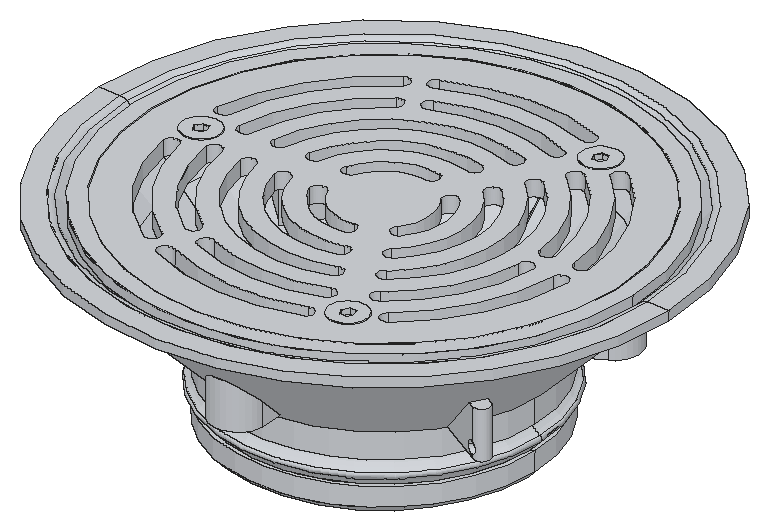
Revit family "Plumbing Fixture_GalvinSpecialised_Floor_Drain_SS_303185X_F", category Plumbing Fixtures, host Face, Revit 2019
Family settings
  Host = Face
  Round Connector Dimension = Use Diameter
  Part Type = Normal
  Cut with Voids When Loaded = No
  Shared = No
  Room Calculation Point = No
Parameters (values of type "Type 1")
  Waste Connection = no
  Vent Connection = no
  Variants = "NA"
  Vandal_Resistant = no
  URL = "http://www.galvinengineering.com.au"
  Thread = "NA"
  Specify_Host = "Face"
  SKU_Code = "303185X"
  Product_Type = "Drain"
  Product_Range = "Specialised"
  PlumbingMaterial_ANZRS = SS
  PlumbingFinish = "SS"
  Mounting_Surface = "Floor"
  Mounting = "Floor"
  Manufacturer_Phone_No = "1300-514-074"
  Manufacturer_OverallWidth = 0 mm
  Manufacturer_OverallHeight = 0 mm
  Manufacturer_OverallDepth = 0 mm
  Manufacturer = "Galvin Engineering"
  Instructions = ""
  HW Connection = no
  FlowRate = "NA"
  FilterObject_ANZRS = ""
  Description = "SS HeelGrate Floor Drain Vinyl Round 150 x 100 with SS Body PVC/HDPE/CU Slip-In"
  Default Elevation = 1219.2 mm
  CategoryStyleOrType_ANZRS = "Plumbing Fixture"
  CW Connection = no
  Application = "Commercial"
  Anti_Ligature = no
Reference planes
  plane 1 "Center (Front/Back)": y = 0
  plane 2: z = 0
  plane 3 "Center (Left/Right)": x = 0
Forms (mm)
  Revolve 1, void
    sketch origin (0, 0, 0) x (1, 0, 0) y (0, 0, 1)
      loop
        line (0, 0) -> (-92.258, 0) -> (-92.258, -3) -> (-87.815, -3) -> (-51.815, -39) -> (-49.958, -39) -> (-49.958, -62) -> (-47.958, -64) -> (0, -64) -> (0, 0)
      axis (0, 0) -> (0, -64)
    angle from 0 to 360
Dimensions and locks
  aligned and locked: plane 2 to host face
  aligned and locked: level to host face
Nested families
  nested 1: "X_Plumbing Fixture_GalvinSpecialised_Floor_Drain_SS_303185X_F" at (0, 0, 0), type "Type 1"
Definition of nested family "X_Plumbing Fixture_GalvinSpecialised_Floor_Drain_SS_303185X_F"
  Parameters (values of type "Type 1")
    URL = "http://www.galvinengineering.com.au"
    Manufacturer = "Galvin Engineering"
    Description = "DI HI-FLOW FLAT VERT RAINWATER OUTLET (W/- MEM C/RING) 150BSP"
  Reference planes
    plane 1 "Center (Front/Back)": y = 0
    plane 2: z = 0
    plane 3 "Center (Left/Right)": x = 0
    plane 4: x = -92.258
    plane 5: x = 92.242
  Forms (mm)
    Revolve 1, solid
      sketch origin (-283.115, 0, -118.952) x (1, 0, 0) y (0, 0, 1)
        loop
          line (196.237, 115.952) -> (232.237, 79.952) -> (234.154, 79.952) -> (234.154, 70.751) -> (235.387, 70.751)
          arc (235.387, 70.751) -> (234.17, 69.131) -> (232.585, 67.868) r 8
          arc (232.585, 67.868) -> (232.104, 67.013) -> (232.585, 66.159) r 1
          arc (232.585, 66.159) -> (234.297, 64.762) -> (235.562, 62.951) r 8
          line (235.562, 62.951) -> (234.154, 62.951) -> (234.154, 56.951) -> (236.153, 54.952) -> (241.156, 54.952) -> (241.156, 81.952) -> (234.956, 81.952) -> (200.956, 115.952) -> (196.237, 115.952)
        axis (283.106, 115.952) -> (283.106, 54.952)
      angle from 0 to 360
    Extrusion 2, solid
      sketch origin (-0.008, 0, 0) x (1, 0, 0) y (0, 1, 0)
        loop
          circle (0, 0) r 75
        loop
          arc (-13.397, 5.298) -> (-7.255, 12.318) -> (1.896, 14.127) r 14.462
          arc (1.896, 14.127) -> (4.708, 16.275) -> (2.56, 19.087) r 2.502
          arc (2.56, 19.087) -> (-9.734, 16.637) -> (-18.015, 7.225) r 19.558
          arc (-18.015, 7.225) -> (-16.669, 3.955) -> (-13.397, 5.298) r 2.502
        loop
          arc (-24.806, 5.675) -> (-12.752, 21.84) -> (7.274, 24.197) r 25.502
          arc (7.274, 24.197) -> (10.381, 25.88) -> (8.696, 28.986) r 2.497
          arc (8.696, 28.986) -> (-15.237, 26.154) -> (-29.663, 6.843) r 30.534
          arc (-29.663, 6.843) -> (-27.818, 3.831) -> (-24.806, 5.675) r 2.497
        loop
          arc (-35.991, 5.834) -> (-18.259, 31.374) -> (12.725, 33.96) r 36.474
          arc (12.725, 33.96) -> (15.941, 35.429) -> (14.473, 38.645) r 2.5
          arc (14.473, 38.645) -> (-20.759, 35.704) -> (-40.922, 6.663) r 41.474
          arc (-40.922, 6.663) -> (-38.871, 3.783) -> (-35.991, 5.834) r 2.5
        loop
          arc (-47.092, 5.938) -> (-40.67, 24.348) -> (-27.357, 38.593) r 47.216
          arc (-27.357, 38.593) -> (-26.75, 42.083) -> (-30.243, 42.676) r 2.5
          arc (-30.243, 42.676) -> (-44.885, 26.882) -> (-52.06, 6.576) r 53.165
          arc (-52.06, 6.576) -> (-49.895, 3.773) -> (-47.092, 5.938) r 2.504
        loop
          arc (-22.042, 47.404) -> (-23.273, 44.087) -> (-19.956, 42.856) r 2.502
          arc (-19.956, 42.856) -> (-0.951, 47.209) -> (18.214, 43.624) r 47.881
          arc (18.214, 43.624) -> (21.477, 44.986) -> (20.115, 48.249) r 2.5
          arc (20.115, 48.249) -> (-1.051, 52.209) -> (-22.042, 47.404) r 52.892
        loop
          arc (-57.622, 9.912) -> (-49.141, 31.523) -> (-32.91, 48.121) r 58.395
          arc (-32.91, 48.121) -> (-32.246, 51.594) -> (-35.719, 52.258) r 2.5
          arc (-35.719, 52.258) -> (-53.338, 34.237) -> (-62.541, 10.775) r 63.378
          arc (-62.541, 10.775) -> (-60.513, 7.884) -> (-57.622, 9.912) r 2.497
        loop
          arc (-25.437, 52.431) -> (-2.946, 58.171) -> (20.009, 54.724) r 58.572
          arc (20.009, 54.724) -> (23.213, 56.22) -> (21.717, 59.423) r 2.5
          arc (21.717, 59.423) -> (-3.198, 63.164) -> (-27.608, 56.933) r 63.564
          arc (-27.608, 56.933) -> (-28.773, 53.597) -> (-25.437, 52.431) r 2.499
        loop
          arc (-13.397, -5.845) -> (-16.669, -4.502) -> (-18.015, -7.772) r 2.502
          arc (-18.015, -7.772) -> (-9.734, -17.184) -> (2.56, -19.634) r 19.558
          arc (2.56, -19.634) -> (4.708, -16.822) -> (1.896, -14.674) r 2.502
          arc (1.896, -14.674) -> (-7.255, -12.865) -> (-13.397, -5.845) r 14.462
        loop
          arc (-24.806, -6.222) -> (-27.818, -4.378) -> (-29.663, -7.39) r 2.497
          arc (-29.663, -7.39) -> (-15.237, -26.7) -> (8.696, -29.532) r 30.534
          arc (8.696, -29.532) -> (10.381, -26.427) -> (7.274, -24.744) r 2.497
          arc (7.274, -24.744) -> (-12.752, -22.387) -> (-24.806, -6.222) r 25.502
        loop
          arc (-35.991, -6.38) -> (-38.871, -4.33) -> (-40.922, -7.209) r 2.5
          arc (-40.922, -7.209) -> (-20.759, -36.251) -> (14.473, -39.192) r 41.474
          arc (14.473, -39.192) -> (15.941, -35.976) -> (12.725, -34.507) r 2.5
          arc (12.725, -34.507) -> (-18.259, -31.92) -> (-35.991, -6.38) r 36.474
        loop
          arc (-47.092, -6.485) -> (-49.895, -4.32) -> (-52.06, -7.123) r 2.504
          arc (-52.06, -7.123) -> (-44.885, -27.429) -> (-30.243, -43.223) r 53.165
          arc (-30.243, -43.223) -> (-26.75, -42.63) -> (-27.357, -39.14) r 2.5
          arc (-27.357, -39.14) -> (-40.67, -24.895) -> (-47.092, -6.485) r 47.216
        loop
          arc (-22.042, -47.951) -> (-1.051, -52.756) -> (20.115, -48.796) r 52.892
          arc (20.115, -48.796) -> (21.477, -45.533) -> (18.214, -44.171) r 2.5
          arc (18.214, -44.171) -> (-0.951, -47.756) -> (-19.956, -43.403) r 47.881
          arc (-19.956, -43.403) -> (-23.273, -44.634) -> (-22.042, -47.951) r 2.502
        loop
          arc (-57.622, -10.459) -> (-60.513, -8.431) -> (-62.541, -11.322) r 2.497
          arc (-62.541, -11.322) -> (-53.338, -34.784) -> (-35.719, -52.805) r 63.378
          arc (-35.719, -52.805) -> (-32.246, -52.141) -> (-32.91, -48.668) r 2.5
          arc (-32.91, -48.668) -> (-49.141, -32.07) -> (-57.622, -10.459) r 58.395
        loop
          arc (-25.437, -52.978) -> (-28.773, -54.144) -> (-27.608, -57.48) r 2.499
          arc (-27.608, -57.48) -> (-3.198, -63.711) -> (21.717, -59.97) r 63.564
          arc (21.717, -59.97) -> (23.213, -56.766) -> (20.009, -55.271) r 2.5
          arc (20.009, -55.271) -> (-2.946, -58.718) -> (-25.437, -52.978) r 58.572
        loop
          arc (11.546, 8.556) -> (14.554, -0.273) -> (11.546, -9.103) r 14.462
          arc (11.546, -9.103) -> (12, -12.612) -> (15.509, -12.158) r 2.502
          arc (15.509, -12.158) -> (19.534, -0.286) -> (15.524, 11.592) r 19.558
          arc (15.524, 11.592) -> (12.019, 12.061) -> (11.546, 8.556) r 2.502
        loop
          arc (17.577, 18.248) -> (25.549, -0.274) -> (17.577, -18.796) r 25.502
          arc (17.577, -18.796) -> (17.481, -22.328) -> (21.013, -22.421) r 2.497
          arc (21.013, -22.421) -> (30.527, -0.278) -> (21.017, 21.87) r 30.534
          arc (21.017, 21.87) -> (17.486, 21.778) -> (17.577, 18.248) r 2.497
        loop
          arc (23.307, 27.855) -> (36.559, -0.271) -> (23.307, -28.398) r 36.474
          arc (23.307, -28.398) -> (22.971, -31.917) -> (26.49, -32.253) r 2.5
          arc (26.49, -32.253) -> (41.559, -0.271) -> (26.49, 31.711) r 41.474
          arc (26.49, 31.711) -> (22.971, 31.375) -> (23.307, 27.855) r 2.5
        loop
          arc (28.948, 37.417) -> (41.68, 22.65) -> (47.36, 3.998) r 47.216
          arc (47.36, 3.998) -> (50.079, 1.728) -> (52.339, 4.456) r 2.5
          arc (52.339, 4.456) -> (45.982, 25.033) -> (31.984, 41.4) r 53.165
          arc (31.984, 41.4) -> (28.474, 40.927) -> (28.948, 37.417) r 2.504
        loop
          arc (52.333, -5.01) -> (50.076, -2.286) -> (47.352, -4.543) r 2.502
          arc (47.352, -4.543) -> (41.619, -23.179) -> (28.932, -37.984) r 47.881
          arc (28.932, -37.984) -> (28.48, -41.49) -> (31.986, -41.942) r 2.5
          arc (31.986, -41.942) -> (45.999, -25.591) -> (52.333, -5.01) r 52.892
        loop
          arc (37.654, 44.549) -> (52.129, 26.399) -> (58.389, 4.043) r 58.395
          arc (58.389, 4.043) -> (61.064, 1.732) -> (63.375, 4.407) r 2.5
          arc (63.375, 4.407) -> (56.579, 28.676) -> (40.861, 48.377) r 63.378
          arc (40.861, 48.377) -> (37.343, 48.067) -> (37.654, 44.549) r 2.497
        loop
          arc (58.385, -4.584) -> (52.11, -26.932) -> (37.647, -45.088) r 58.572
          arc (37.647, -45.088) -> (37.34, -48.61) -> (40.863, -48.916) r 2.5
          arc (40.863, -48.916) -> (56.56, -29.21) -> (63.369, -4.954) r 63.564
          arc (63.369, -4.954) -> (61.062, -2.277) -> (58.385, -4.584) r 2.499
      from -5 to -0.089
    Extrusion 3, solid
      sketch origin (-0.008, 0, 0) x (1, 0, 0) y (0, 1, 0)
        loop
          circle (0, 0) r 75
        loop
          circle (29.475, -51.346) r 5.85
        loop
          circle (-58.995, -0.254) r 5.85
        loop
          circle (0, 0) r 80.493
        loop
          circle (29.478, 50.884) r 5.85
      from -3 to 0
    Extrusion 4, void
      sketch origin (-0.008, 0, 0) x (1, 0, 0) y (0, 1, 0)
        loop
          line (-57.848, 1.75) -> (-60.157, 1.75) -> (-61.312, -0.25) -> (-60.157, -2.25) -> (-57.848, -2.25) -> (-56.693, -0.25) -> (-57.848, 1.75)
        loop
          line (30.654, -49.346) -> (28.344, -49.346) -> (27.19, -51.346) -> (28.344, -53.346) -> (30.654, -53.346) -> (31.809, -51.346) -> (30.654, -49.346)
        loop
          line (30.654, 52.846) -> (28.344, 52.846) -> (27.19, 50.846) -> (28.344, 48.846) -> (30.654, 48.846) -> (31.809, 50.846) -> (30.654, 52.846)
      from -1.78 to 1.839
    Revolve 5, solid
      sketch origin (-0.008, 0, 0) x (1, 0, 0) y (0, 0, 1)
        loop
          line (-85.393, 0) -> (-92.25, 0) -> (-92.25, -3) -> (-82.15, -3) -> (-66.15, -19) -> (-65.178, -19) -> (-83.271, -0.907)
          arc (-83.271, -0.907) -> (-84.239, -0.236) -> (-85.393, 0) r 2.934
        axis (0, 0) -> (0, -19)
      angle from 0 to 360
    Extrusion 6, solid
      sketch origin (-0.008, 0, 0) x (1, 0, 0) y (0, 1, 0)
        loop
          arc (-60.355, -31.994) -> (-61.27, -35.409) -> (-57.855, -36.324) r 2.5
          line (-57.855, -36.324) -> (-42.902, -27.691) -> (-45.402, -23.361) -> (-60.355, -31.994)
        loop
          line (60.355, -31.994) -> (45.402, -23.361) -> (42.902, -27.691) -> (57.855, -36.324)
          arc (57.855, -36.324) -> (61.27, -35.409) -> (60.355, -31.994) r 2.5
        loop
          arc (2.5, 67.875) -> (0, 70.375) -> (-2.5, 67.875) r 2.5
          line (-2.5, 67.875) -> (-2.5, 50.609) -> (2.5, 50.609) -> (2.5, 67.875)
      from -39 to -24
    Sweep 7, void
      path origin (0, 0, 0) x (1, 0, 0) y (0, 1, 0)
        loop
          circle (0, 0) r 68.494
      profile origin (0, 68.494, 0) x (0, -1, 0) y (0, 0, 1)
        loop
          circle (0.859, -36.226) r 2
    Revolve 8, void
      sketch origin (0, 0, 0) x (0, 1, 0) y (0, 0, 1)
        loop
          line (0, -20.661) -> (0, -37) -> (47.87, -37) -> (64.209, -20.661) -> (0, -20.661)
        axis (0, -20.661) -> (0, -37)
      angle from 0 to 360
    Extrusion 9, solid
      sketch origin (0.008, 0.221, 0) x (1, 0, 0) y (0, 1, 0)
        loop
          line (8.044, -59.379) -> (8.044, -52.004) -> (-8.061, -52.004) -> (-8.061, -59.379)
          arc (-8.061, -59.379) -> (-0.008, -67.431) -> (8.044, -59.379) r 8.052
      from -37.221 to -22.614
    Extrusion 10, solid
      sketch origin (-0.357, -0.528, 0) x (0.500414, -0.865786, 0) y (0.865786, 0.500414, 0)
        loop
          arc (8.044, 59.379) -> (-0.008, 67.431) -> (-8.061, 59.379) r 8.052
          line (-8.061, 59.379) -> (-8.061, 52.004) -> (8.044, 52.004) -> (8.044, 59.379)
      from -37.221 to -22.614
    Extrusion 11, solid
      sketch origin (0.321, -0.496, 0) x (-0.500414, -0.865786, 0) y (0.865786, -0.500414, 0)
        loop
          line (8.044, -59.379) -> (8.044, -52.004) -> (-8.061, -52.004) -> (-8.061, -59.379)
          arc (-8.061, -59.379) -> (-0.008, -67.431) -> (8.044, -59.379) r 8.052
      from -37.221 to -22.614
  Cuts and joins
    Extrusion 4 cuts Extrusion 3
    Sweep 7, Revolve 8 cuts Extrusion 6
    Revolve 8 cuts Revolve 1
    Extrusion 4 cuts Extrusion 2
  Dimensions and locks
    aligned and locked: level to plane 2
